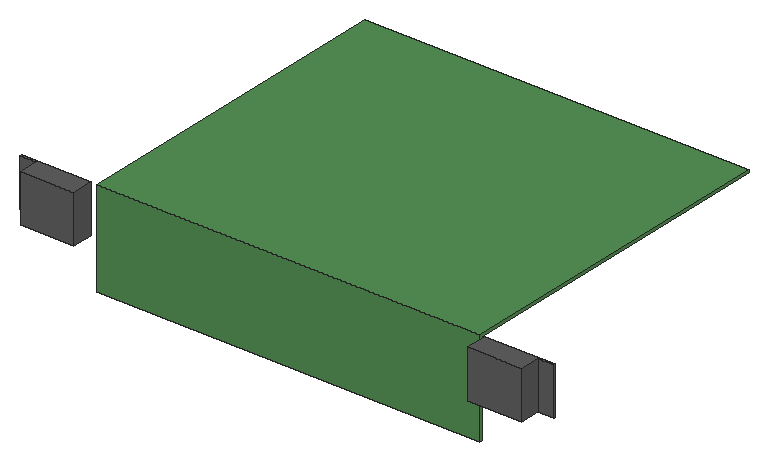
Revit family "Levelers_Kelley_aFX", category Specialty Equipment, host Floor, Revit 2023
Family settings
  Host = Floor
  Round Connector Dimension = Use Diameter
  Part Type = Normal
  Enable Cutting in Views = No
  Always vertical = Yes
  Cut with Voids When Loaded = Yes
  Maintain Annotation Orientation = No
  Shared = No
  Room Calculation Point = No
Parameters (values of type "6x6")
  URL = "http://kelleyentrematic.com/"
  Model = "aFX"
  Manufacturer = "Kelley Entrematic"
  Description = "Airbag Leveler"
  LipExtension = 0' - 0"
  PitWidth = 6' - 2"
  PitLength = 5' - 3"
  PitDepthR = PitDepth - 0' 0 1/2"  # 1' - 7 1/2"
  PitDepth = 1' - 8"
  LipLength = 1' - 6"
  Default Elevation = 0' - 0"
  Curb = 0' - 3"
  Capacity = "30-50k"
Types (18): name | LipExtension | PitWidth | PitLength | PitDepthR | PitDepth
  6x6 | 0' - 0" | 6' - 2" | 5' - 3" | 1' - 7 1/2" | 1' - 8"
  6x8 | 0' - 0" | 6' - 2" | 7' - 3" | 1' - 7 1/2" | 1' - 8"
  6.5x6 | 0' - 0" | 6' - 8" | 5' - 3" | 1' - 7 1/2" | 1' - 8"
  6.5x8 | 0' - 0" | 6' - 8" | 7' - 3" | 1' - 7 1/2" | 1' - 8"
  7x6 | 0' - 0" | 7' - 1" | 5' - 3" | 1' - 7 1/2" | 1' - 8"
  7x8 | 0' - 0" | 7' - 1" | 7' - 3" | 1' - 7 1/2" | 1' - 8"
  6x10 | 0' - 0" | 6' - 2" | 9' - 3" | 1' - 11 1/2" | 2' - 0"
  6.5x10 | 0' - 0" | 6' - 8" | 9' - 3" | 1' - 11 1/2" | 2' - 0"
  7x10 | 0' - 0" | 7' - 1" | 9' - 3" | 1' - 11 1/2" | 2' - 0"
  6x6 Barrier Lip | 0' - 5" | 6' - 2" | 5' - 3" | 1' - 7 1/2" | 1' - 8"
  6x8 Barrier Lip | 0' - 5" | 6' - 2" | 7' - 3" | 1' - 7 1/2" | 1' - 8"
  6x10 Barrier Lip | 0' - 5" | 6' - 2" | 9' - 3" | 1' - 11 1/2" | 2' - 0"
  7x10 Barrier Lip | 0' - 5" | 7' - 1" | 9' - 3" | 1' - 11 1/2" | 2' - 0"
  7x6 Barrier Lip | 0' - 5" | 7' - 1" | 5' - 3" | 1' - 7 1/2" | 1' - 8"
  7x8 Barrier Lip | 0' - 5" | 7' - 1" | 7' - 3" | 1' - 7 1/2" | 1' - 8"
  6.5x10 Barrier Lip | 0' - 5" | 6' - 8" | 9' - 3" | 1' - 11 1/2" | 2' - 0"
  6.5x6 Barrier Lip | 0' - 5" | 6' - 8" | 5' - 3" | 1' - 7 1/2" | 1' - 8"
  6.5x8 Barrier Lip | 0' - 5" | 6' - 8" | 7' - 3" | 1' - 7 1/2" | 1' - 8"
Reference planes (in)
  plane 1 "Center (Front/Back)": y = 0
  plane 2: z = 0
  plane 3 "Center (Left/Right)": x = 0
  plane 4 "Lip Width": y = -59.5
  plane 5 "pit right": x = 37
  plane 6 "Pit left": x = -37
  plane 7 "pit rear": y = 3
  plane 8 "curb angle left": x = -40
  plane 9: x = -36
  plane 10 "curb angle right": x = 40
  plane 11: x = 36
  plane 12 "curb angle rear": y = 6
  plane 13 "Curb angle - Front": y = -57
  plane 14 "Edge of Dock": y = -60
  plane 15: z = -0.5
  plane 16: z = -19.5
  plane 17: z = -20
  plane 18: y = -9
  plane 19: y = -48
  plane 20 "Lip Length": z = -18
  plane 21: x = 58
  plane 22: x = -58
  plane 23: z = -3
  plane 24: z = -23
  plane 25: z = 0
  plane 26: z = 0
  plane 27: z = -9
  plane 28: x = -47.125
  plane 29: x = -50.125
  plane 30: y = -60.25
  plane 31: y = -64
  plane 32: x = 47.125
  plane 33: x = 50.125
Forms (in)
  Extrusion 1, void
    sketch origin (0, 0, 0) x (0, 1, 0) y (0, 0, 1)
      loop
        line (3, 0) -> (-60, 0) -> (-60, -20) -> (-48, -20) -> (-9, -19.5) -> (3, -19.5) -> (3, 0)
    from -37 to 37
  Extrusion 2, solid, material "Kelly Diamond"
    sketch origin (0, 0, 0) x (1, 0, 0) y (0, 1, 0)
      loop
        line (-36, 3) -> (-36, -60) -> (36, -60) -> (36, 3) -> (-36, 3)
    from -0.5 to 0
  Extrusion 3, solid, material "Kelly Diamond"
    sketch origin (0, 0, 0) x (1, 0, 0) y (0, 0, 1)
      loop
        line (-36, 0) -> (-36, -18) -> (36, -18) -> (36, 0) -> (-36, 0)
    from 59.5 to 60
  Extrusion 4, solid, material "BUMPER"
    sketch origin (0, 0, 0) x (-1, 0, 0) y (0, -1, 0)
      loop
        line (37, 60) -> (50.125, 60) -> (50.125, 60.25) -> (47.125, 60.25) -> (47.125, 64) -> (37, 64) -> (37, 60)
      loop
        line (-37, 60) -> (-37, 64) -> (-47.125, 64) -> (-47.125, 60.25) -> (-50.125, 60.25) -> (-50.125, 60) -> (-37, 60)
    from -9 to 0
Cuts and joins
  joined: Extrusion 2, Extrusion 3
Lines and regions (in)
  model lines
    curve 1: line (-40, 6, 0) -> (40, 6, 0)
    curve 2: line (40, 6, 0) -> (40, 3, 0)
    curve 3: line (40, 3, 0) -> (-40, 3, 0)
    curve 4: line (-40, 3, 0) -> (-40, 6, 0)
    curve 5: line (-40, 3, 0) -> (-40, -57, 0)
    curve 6: line (-37, -57, 0) -> (-37, 3, 0)
    curve 7: line (-37, -57, 0) -> (-58, -57, 0)
    curve 8: line (-58, -57, 0) -> (-58, -60, 0)
    curve 9: line (-58, -60, 0) -> (-37, -60, 0)
    curve 10: line (40, 3, 0) -> (40, -57, 0)
    curve 11: line (37, -57, 0) -> (37, 3, 0)
    curve 12: line (37, -60, 0) -> (58, -60, 0)
    curve 13: line (58, -60, 0) -> (58, -57, 0)
    curve 14: line (58, -57, 0) -> (37, -57, 0)
    curve 15: line (-58, -60, 0) -> (-58, -60, -3)
    curve 16: line (-58, -60, -3) -> (-37, -60, -3)
    curve 17: line (-37, -60, -3) -> (-37, -60, 0)
    curve 18: line (-40, -60, -3) -> (-40, -60, -23)
    curve 19: line (-40, -60, -20) -> (-37, -60, -20)
    curve 20: line (-40, -60, -23) -> (40, -60, -23)
    curve 21: line (40, -60, -23) -> (40, -60, -3)
    curve 22: line (37, -60, -20) -> (40, -60, -20)
    curve 23: line (37, -60, -20) -> (37, -60, 0)
    curve 24: line (37, -60, -3) -> (58, -60, -3)
    curve 25: line (58, -60, -3) -> (58, -60, 0)
    curve 26: line (-37, -60, -3) -> (-37, -60, -20)
    curve 27: line (-37, -60, -20) -> (37, -60, -20)
    curve 28: line (-37, -57, 0) -> (-37, -60, 0)
    curve 29: line (37, -57, 0) -> (37, -60, 0)
Dimensions and locks (in)
  equal spacing: host sketch curve, plane 1 "Center (Front/Back)", host sketch curve
  equal spacing: host sketch curve, plane 3 "Center (Left/Right)", host sketch curve
  host sketch curve to host sketch curve = 10' - 0"  (x2)
  equal spacing: plane 6 "Pit left", plane 3 "Center (Left/Right)", plane 5 "pit right"
  "PitWidth": plane 6 "Pit left" to plane 5 "pit right"
  "PitLength": plane 14 "Edge of Dock" to plane 7 "pit rear"
  "Curb": plane 8 "curb angle left" to plane 6 "Pit left"
  locked: plane 6 "Pit left" to plane 9 at 1
  locked: plane 11 to plane 5 "pit right" at 1
  "Curb": plane 5 "pit right" to plane 10 "curb angle right"
  "Curb": plane 7 "pit rear" to plane 12 "curb angle rear"
  "Curb": plane 14 "Edge of Dock" to plane 13 "Curb angle - Front"
  "PitDepthR": level to plane 16
  "PitDepth": level to plane 17
  locked: plane 7 "pit rear" to plane 18 at 12
  locked: plane 19 to plane 14 "Edge of Dock" at 12
  "LipLength": level to plane 20 "Lip Length"
  locked: plane 22 to plane 6 "Pit left" at 21
  locked: plane 5 "pit right" to plane 21 at 21
  "LipExtension": plane 26 to level
  locked: plane 24 to plane 17 at 3
  locked: level to plane 15 at 0.5
  locked: plane 14 "Edge of Dock" to plane 4 "Lip Width" at 0.5
  locked: plane 3 "Center (Left/Right)" to connector elem at 14
  locked: connector elem to level at 16
  locked: curve 9 to plane 30 at 0.25
  locked: plane 31 to curve 9 at 4
  locked: plane 28 to plane 6 "Pit left" at 10.125
  locked: plane 29 to plane 6 "Pit left" at 13.125
  locked: plane 5 "pit right" to plane 32 at 10.125
  locked: plane 5 "pit right" to plane 33 at 13.125
  aligned and locked: level to plane 2
  aligned and locked: plane 14 "Edge of Dock" to host floor
  aligned and locked: plane 19 to Extrusion 1 sketch curve
  aligned and locked: plane 16 to Extrusion 1 sketch curve
  aligned and locked: Extrusion 1 sketch curve to plane 18
  aligned and locked: plane 17 to Extrusion 1 sketch curve
  aligned and locked: Extrusion 1 sketch curve to plane 14 "Edge of Dock"
  aligned and locked: Extrusion 1 to plane 6 "Pit left"
  aligned and locked: Extrusion 1 to plane 5 "pit right"
  aligned and locked: plane 7 "pit rear" to Extrusion 2 sketch curve
  aligned and locked: Extrusion 2 sketch curve to plane 9
  aligned and locked: Extrusion 2 sketch curve to plane 14 "Edge of Dock"
  aligned and locked: Extrusion 2 to plane 15
  aligned and locked: level to Extrusion 2
  aligned and locked: Extrusion 3 sketch curve to Extrusion 2
  aligned and locked: plane 20 "Lip Length" to Extrusion 3 sketch curve
  aligned and locked: Extrusion 3 sketch curve to plane 11
  aligned and locked: Extrusion 3 to plane 14 "Edge of Dock"
  aligned and locked: Extrusion 3 to plane 4 "Lip Width"
  aligned and locked: Extrusion 2 sketch curve to plane 11
  aligned and locked: curve 7 to plane 13 "Curb angle - Front"
  aligned and locked: curve 8 to plane 22
  aligned and locked: curve 5 to plane 8 "curb angle left"
  aligned and locked: plane 6 "Pit left" to curve 6
  aligned and locked: curve 3 to plane 7 "pit rear"
  aligned and locked: plane 12 "curb angle rear" to curve 1
  aligned and locked: curve 2 to plane 10 "curb angle right"
  aligned and locked: plane 5 "pit right" to curve 11
  aligned and locked: curve 10 to plane 10 "curb angle right"
  aligned and locked: curve 14 to plane 13 "Curb angle - Front"
  aligned and locked: plane 14 "Edge of Dock" to curve 12
  aligned and locked: curve 13 to plane 21
  aligned and locked: plane 24 to curve 18
  aligned and locked: plane 23 to curve 16
  aligned and locked: curve 15 to plane 22
  aligned and locked: plane 6 "Pit left" to curve 17
  aligned and locked: curve 22 to plane 5 "pit right"
  aligned and locked: curve 21 to plane 10 "curb angle right"
  aligned and locked: curve 22 to plane 17
  aligned and locked: curve 25 to plane 21
  aligned and locked: curve 19 to curve 27
  aligned and locked: plane 14 "Edge of Dock" to curve 9
  aligned and locked: plane 26 to Extrusion 3 sketch curve
  aligned and locked: plane 23 to curve 24
  aligned and locked: plane 24 to curve 20
  aligned and locked: plane 27 to Extrusion 4
  aligned and locked: level to Extrusion 4
  aligned and locked: cut or joined group of Extrusion 2, Extrusion 3 to plane 7 "pit rear"
  aligned and locked: plane 30 to Extrusion 4 sketch curve
  aligned and locked: Extrusion 4 sketch curve to plane 29
  aligned and locked: Extrusion 4 sketch curve to plane 28
  aligned and locked: Extrusion 4 sketch curve to curve 9
  aligned and locked: Extrusion 4 sketch curve to plane 6 "Pit left"
  aligned and locked: plane 31 to Extrusion 4 sketch curve
  aligned and locked: Extrusion 4 sketch curve to plane 33
  aligned and locked: plane 32 to Extrusion 4 sketch curve
  aligned and locked: Extrusion 4 sketch curve to plane 31
  aligned and locked: Extrusion 4 sketch curve to plane 30
  aligned and locked: Extrusion 4 sketch curve to plane 5 "pit right"
  aligned and locked: curve 9 to Extrusion 4 sketch curve
Automatic sketch dimensions
  Extrusion 1 sketch curve to level = 0' - 0"
  Extrusion 1 sketch curve to plane 7 "pit rear" = 0' - 0"
  plane 8 "curb angle left" to curve 20 = 0' - 0"
  curve 25 to level = 0' - 0"
  plane 21 to curve 25 = 0' - 0"
  curve 27 to plane 17 = 0' - 0"
  curve 16 to plane 23 = 0' - 0"
  curve 23 to level = 0' - 0"
  curve 17 to level = 0' - 0"
  curve 15 to level = 0' - 0"
Connectors (in)
  electrical at (14, 3, -16)
    settings: on plane 7 "pit rear", index 1, voltage 120 V, apparent load 0 VA, apparent load phase1 0 VA, apparent load phase2 0 VA, apparent load phase3 0 VA, power factor 1, load classification "Other", number of poles 1, system type 31, power factor state 1, is connector primary yes, connector utility no, sub classification motor no, connector description ""
